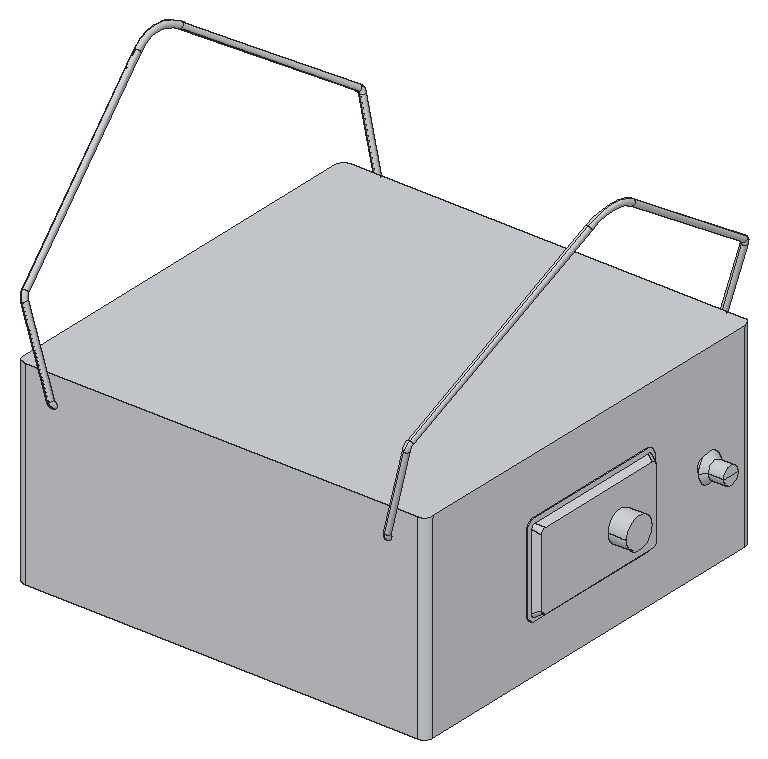
Revit family "Atlas_Sound_M1000", category Generic Models, Revit 2016
Family settings
  Part Type = Normal
  Can host rebar = No
  Round Connector Dimension = Use Diameter
  Work Plane-Based = Yes
  Always vertical = No
  Cut with Voids When Loaded = No
  Shared = No
  Room Calculation Point = No
Parameters
  Width = 0' - 11 161/256"
  Warranty Duration (Years) = 0
  URL = "https://www.atlasied.com/m1000"
  Specification = ""
  SpecWizard = ""
  Send Message = ""
  Sales Information = ""
  Revision = ""
  Product Properties = ""
  Product Data = "https://www.atlasied.com/f/5898/ipx-series-endpoint-speaker-install-sheet.pdf"
  OmniClass Title = ""
  OmniClass Number = ""
  Model = "M1000"
  MasterFormat04 Keynote = ""
  Manufacturer's Notes = ""
  Manufacturer Website = "https://www.atlasied.com/"
  Manufacturer Phone - Toll Free = "800-876-3333"
  Manufacturer Phone = "602-438-4545"
  Manufacturer Fax = "602-438-8692"
  Manufacturer Email = ""
  Manufacturer Address = "4545 E. Baseline Rd. Phoenix, AZ 85040"
  Manufacturer = "Atlas Sound"
  Maintenance Schedule (Months) = 0
  Depth = 0' - 11 143/256"
  Installation-Fabrication = "https://www.atlasied.com/f/5898/ipx-series-endpoint-speaker-install-sheet.pdf"
  Installation Phase = ""
  Green Building-LEED = ""
  Expected Lifespan (Years) = 0
  Drawn By = "Matt Wunch"
  Description = "8\" Dual cone sound masking speaker with 4-watt 70v transformer and enclosure - black"
  Default Elevation = 4' - 0"
  Copyright = "Arcat, Inc. ©2018"
  Construction Details = ""
  Company_ID = 38830
  Category = ""
  Building Codes = ""
Reference planes (in)
  plane 1 "Center (Front/Back)": y = 0
  plane 2: z = 0
  plane 3 "Center (Left/Right)": x = 0
  plane 4: x = -5.81445
  plane 5: x = 5.81445
  plane 6: y = -5.7793
  plane 7: y = 5.7793
  plane 8 "knob": z = 2.74891
Forms (in)
  Extrusion 1, solid
    sketch origin (0, 0, 0) x (1, 0, 0) y (0, 1, 0)
      loop
        arc (-5.56445, 5.7793) -> (-5.74123, 5.70607) -> (-5.81445, 5.5293) r 0.25
        line (-5.81445, 5.5293) -> (-5.81445, -5.5293)
        arc (-5.81445, -5.5293) -> (-5.74123, -5.70607) -> (-5.56445, -5.7793) r 0.25
        line (-5.56445, -5.7793) -> (5.56445, -5.7793)
        arc (5.56445, -5.7793) -> (5.74123, -5.70607) -> (5.81445, -5.5293) r 0.25
        line (5.81445, -5.5293) -> (5.81445, 5.5293)
        arc (5.81445, 5.5293) -> (5.74123, 5.70607) -> (5.56445, 5.7793) r 0.25
        line (5.56445, 5.7793) -> (-5.56445, 5.7793)
    from 0 to 5.62891
  Extrusion 2, solid
    sketch origin (0, 0, 0) x (0, 1, 0) y (0, 0, 1)
      loop
        line (-2.2483, 3.81141) -> (-2.2483, 1.68641)
        arc (-2.2483, 1.68641) -> (-2.17507, 1.50963) -> (-1.9983, 1.43641) r 0.25
        line (-1.9983, 1.43641) -> (2.0017, 1.43641)
        arc (2.0017, 1.43641) -> (2.17848, 1.50963) -> (2.2517, 1.68641) r 0.25
        line (2.2517, 1.68641) -> (2.2517, 3.81141)
        arc (2.2517, 3.81141) -> (2.17848, 3.98818) -> (2.0017, 4.06141) r 0.25
        line (2.0017, 4.06141) -> (-1.9983, 4.06141)
        arc (-1.9983, 4.06141) -> (-2.17507, 3.98818) -> (-2.2483, 3.81141) r 0.25
    from 5.81445 to 5.87055
  Blend 3, solid
    base sketch origin (0, 0, 0) x (0, 1, 0) y (0, 0, 1)
      loop
        line (-2.1248, 3.83094) -> (-2.1248, 1.66657)
        arc (-2.1248, 1.66657) -> (-2.09399, 1.59221) -> (-2.01963, 1.56141) r 0.10516
        line (-2.01963, 1.56141) -> (2.02273, 1.56141)
        arc (2.02273, 1.56141) -> (2.09731, 1.5923) -> (2.1282, 1.66687) r 0.10547
        line (2.1282, 1.66687) -> (2.1282, 3.83094)
        arc (2.1282, 3.83094) -> (2.09731, 3.90552) -> (2.02273, 3.93641) r 0.10547
        line (2.02273, 3.93641) -> (-2.01933, 3.93641)
        arc (-2.01933, 3.93641) -> (-2.09391, 3.90552) -> (-2.1248, 3.83094) r 0.10547
    top sketch origin (0, 0, 0) x (0, 1, 0) y (0, 0, 1)
      loop
        line (-1.89816, 1.65523) -> (1.90157, 1.65523)
        arc (1.90157, 1.65523) -> (1.99548, 1.69413) -> (2.03438, 1.78804) r 0.13281
        line (2.03438, 1.78804) -> (2.03438, 3.70782)
        arc (2.03438, 3.70782) -> (1.99491, 3.80312) -> (1.89962, 3.84259) r 0.13476
        line (1.89962, 3.84259) -> (-1.89816, 3.84259)
        arc (-1.89816, 3.84259) -> (-1.99208, 3.80369) -> (-2.03098, 3.70977) r 0.13281
        line (-2.03098, 3.70977) -> (-2.03098, 1.78804)
        arc (-2.03098, 1.78804) -> (-1.99208, 1.69413) -> (-1.89816, 1.65523) r 0.13281
    from 5.87055 to 6.09555
  Extrusion 4, solid
    sketch origin (0, -3.29389, 0) x (0, 1, 0) y (0, 0, 1)
      loop
        circle (4.0327, 2.74891) r 0.4375
    from 6.09555 to 6.64655
  Sweep 5, solid
    path origin (-3.48813, 0, 0.16201) x (0, 1, 0) y (-0.258819, 0, 0.965926)
      loop
        arc (5.67762, 4.83118) -> (5.81838, 4.8815) -> (5.88233, 5.01662) r 0.19531
        line (5.88233, 5.01662) -> (6.00377, 7.47576)
        arc (6.00377, 7.47576) -> (5.98438, 7.57055) -> (5.92174, 7.6443) r 0.19466
        line (5.92174, 7.6443) -> (0.76055, 11.29381)
        arc (0.76055, 11.29381) -> (0.0017, 11.535) -> (-0.75714, 11.29381) r 1.31436
        line (-0.75714, 11.29381) -> (-5.91804, 7.64451)
        arc (-5.91804, 7.64451) -> (-5.98089, 7.57051) -> (-6.00035, 7.4754) r 0.19531
        line (-6.00035, 7.4754) -> (-5.879, 5.01821)
        arc (-5.879, 5.01821) -> (-5.81505, 4.88309) -> (-5.67429, 4.83277) r 0.19531
    profile origin (-5.93891, 3.34114, 9.30842) x (0.211325, -0.57735, -0.788675) y (0.965926, 0, 0.258819)
      loop
        circle (0, 0) r 0.07813
  Revolve 6, solid
    sketch origin (0, 0, 2.74891) x (-1, 0, 0) y (0, -1, 0)
      loop
        line (-6.01455, -4.4293) -> (-6.01455, -4.2299) -> (-5.81445, -4.2299) -> (-5.81445, -4.0293) -> (-6.61455, -4.0293) -> (-6.61455, -4.2793) -> (-6.16455, -4.2793) -> (-6.01455, -4.4293)
      axis (-5.81445, -4.0293) -> (-6.61455, -4.0293)
    angle from 0 to 360
  Sweep 7, solid
    path origin (3.48813, 0, 0.16201) x (0, 1, 0) y (-0.258819, 0, -0.965926)
      loop
        arc (5.67762, -4.83118) -> (5.81838, -4.8815) -> (5.88233, -5.01662) r 0.19531
        line (5.88233, -5.01662) -> (6.00377, -7.47576)
        arc (6.00377, -7.47576) -> (5.98438, -7.57055) -> (5.92174, -7.6443) r 0.19466
        line (5.92174, -7.6443) -> (0.76055, -11.29381)
        arc (0.76055, -11.29381) -> (0.0017, -11.535) -> (-0.75714, -11.29381) r 1.31436
        line (-0.75714, -11.29381) -> (-5.91804, -7.64451)
        arc (-5.91804, -7.64451) -> (-5.98089, -7.57051) -> (-6.00035, -7.4754) r 0.19531
        line (-6.00035, -7.4754) -> (-5.879, -5.01821)
        arc (-5.879, -5.01821) -> (-5.81505, -4.88309) -> (-5.67429, -4.83277) r 0.19531
    profile origin (5.93891, 3.34114, 9.30842) x (0.211325, 0.57735, 0.788675) y (-0.965926, 0, 0.258819)
      loop
        circle (0, 0) r 0.07813
Lines and regions (in)
  model lines
    curve 1: line (5.81445, 2.2827, 5.12391) -> (5.81445, 2.2827, 0.37391)
    curve 2: arc (5.81445, 2.2827, 0.37391) -> (5.81445, 2.31931, 0.28552) -> (5.81445, 2.4077, 0.24891) r 0.125
    curve 3: line (5.81445, 2.4077, 0.24891) -> (5.81445, 4.6577, 0.24891)
    curve 4: arc (5.81445, 4.6577, 0.24891) -> (5.81445, 4.74609, 0.28552) -> (5.81445, 4.7827, 0.37391) r 0.125
    curve 5: line (5.81445, 4.7827, 0.37391) -> (5.81445, 4.7827, 5.12391)
    curve 6: arc (5.81445, 4.7827, 5.12391) -> (5.81445, 4.74609, 5.21229) -> (5.81445, 4.6577, 5.24891) r 0.125
    curve 7: line (5.81445, 4.6577, 5.24891) -> (5.81445, 2.4077, 5.24891)
    curve 8: arc (5.81445, 2.4077, 5.24891) -> (5.81445, 2.31931, 5.21229) -> (5.81445, 2.2827, 5.12391) r 0.125
    curve 9: line (5.81445, 4.0177, 3.87391) -> (5.81445, 4.0177, 3.17391)
    curve 10: line (5.81445, 3.88392, 3.1473) -> (5.81445, 3.61604, 3.79401)
    curve 11: line (5.81445, 3.74279, 3.06003) -> (5.81445, 3.24781, 3.55501)
    curve 12: line (5.81445, 2.9876, 3.16557) -> (5.81445, 3.63431, 2.89769)
    curve 13: line (5.81445, 3.6077, 2.76391) -> (5.81445, 2.9077, 2.76391)
    curve 14: line (5.81445, 3.63431, 2.60012) -> (5.81445, 2.9876, 2.33225)
    curve 15: line (5.81445, 2.9876, 2.33225) -> (5.81445, 2.99956, 2.30337)
    curve 16: line (5.81445, 3.64627, 2.57125) -> (5.81445, 2.99956, 2.30337)
    curve 17: line (5.81445, 3.6077, 2.73266) -> (5.81445, 2.9077, 2.73266)
    curve 18: line (5.81445, 3.85505, 3.13534) -> (5.81445, 3.58717, 3.78205)
    curve 19: line (5.81445, 3.72069, 3.03794) -> (5.81445, 3.22572, 3.53291)
    curve 20: line (5.81445, 2.99956, 3.19444) -> (5.81445, 3.64627, 2.92656)
    curve 21: line (5.81445, 4.04895, 3.87391) -> (5.81445, 4.04895, 3.17391)
    curve 22: line (5.81445, 2.99956, 3.19444) -> (5.81445, 2.9876, 3.16557)
    curve 23: line (5.81445, 2.9077, 2.76391) -> (5.81445, 2.9077, 2.73266)
    curve 24: line (5.81445, 3.6077, 2.73266) -> (5.81445, 3.6077, 2.76391)
    curve 25: line (5.81445, 3.63431, 2.60012) -> (5.81445, 3.64627, 2.57125)
    curve 26: line (5.81445, 3.63431, 2.89769) -> (5.81445, 3.64627, 2.92656)
    curve 27: line (5.81445, 3.72069, 3.03794) -> (5.81445, 3.74279, 3.06003)
    curve 28: line (5.81445, 3.61604, 3.79401) -> (5.81445, 3.58717, 3.78205)
    curve 29: line (5.81445, 3.24781, 3.55501) -> (5.81445, 3.22572, 3.53291)
    curve 30: line (5.81445, 4.04895, 3.87391) -> (5.81445, 4.0177, 3.87391)
    curve 31: line (5.81445, 4.04895, 3.17391) -> (5.81445, 4.0177, 3.17391)
    curve 32: line (5.81445, 3.88392, 3.1473) -> (5.81445, 3.85505, 3.13534)
  symbolic lines
    curve 33: arc (5.81445, 5.5293, 2.74891) -> (5.74123, 5.70607, 2.74891) -> (5.56445, 5.7793, 2.74891) r 0.25
    curve 34: line (5.56445, 5.7793, 2.74891) -> (-5.56445, 5.7793, 2.74891)
    curve 35: arc (-5.56445, 5.7793, 2.74891) -> (-5.74123, 5.70607, 2.74891) -> (-5.81445, 5.5293, 2.74891) r 0.25
    curve 36: line (-5.81445, 5.5293, 2.74891) -> (-5.81445, -5.5293, 2.74891)
    curve 37: arc (-5.81445, -5.5293, 2.74891) -> (-5.74123, -5.70607, 2.74891) -> (-5.56445, -5.7793, 2.74891) r 0.25
    curve 38: line (-5.56445, -5.7793, 2.74891) -> (5.56445, -5.7793, 2.74891)
    curve 39: arc (5.56445, -5.7793, 2.74891) -> (5.74123, -5.70607, 2.74891) -> (5.81445, -5.5293, 2.74891) r 0.25
    curve 40: line (5.81445, -5.5293, 2.74891) -> (5.81445, 5.5293, 2.74891)
    curve 41: line (6.64655, 1.17632, 2.74891) -> (6.64655, 0.30132, 2.74891)
    curve 42: line (6.09555, 2.03438, 2.74891) -> (6.09555, -2.03098, 2.74891)
    curve 43: line (5.87055, 2.2517, 2.74891) -> (5.87055, -2.2483, 2.74891)
    curve 44: line (5.87055, 2.2517, 2.74891) -> (5.81445, 2.2517, 2.74891)
    curve 45: line (6.09555, 2.03438, 2.74891) -> (5.87055, 2.1282, 2.74891)
    curve 46: line (6.09555, 0.30132, 2.74891) -> (6.64655, 0.30132, 2.74891)
    curve 47: line (6.64655, 1.17632, 2.74891) -> (6.09555, 1.17632, 2.74891)
    curve 48: line (5.87055, -2.2483, 2.74891) -> (5.81445, -2.2483, 2.74891)
    curve 49: line (6.09555, -2.03098, 2.74891) -> (5.87055, -2.1248, 2.74891)
Dimensions and locks (in)
  equal spacing: plane 4, plane 3 "Center (Left/Right)", plane 5
  "Width": plane 4 to plane 5
  equal spacing: plane 7, plane 1 "Center (Front/Back)", plane 6
  "Depth": plane 7 to plane 6
  aligned and locked: plane 2 to level
  aligned and locked: Extrusion 1 sketch curve to plane 4
  aligned and locked: Extrusion 1 sketch curve to plane 7
  aligned and locked: Extrusion 1 sketch curve to plane 5
  aligned and locked: Extrusion 1 sketch curve to plane 6
Automatic sketch dimensions
  Extrusion 1 sketch curve to plane 4 = 0' - 0 1/4"  (x2)
  Extrusion 1 sketch curve to plane 5 = 0' - 0 1/4"  (x2)
  plane 1 "Center (Front/Back)" to Extrusion 2 sketch curve = 0' - 2.2483"
  Extrusion 2 sketch curve to Extrusion 2 sketch curve = 0' - 0 1/4"  (x3)
  Extrusion 2 sketch curve to plane 1 "Center (Front/Back)" = 0' - 2.0017"  (x2)
  Extrusion 2 sketch curve to plane 8 "knob" = 0' - 1 1/16"
  plane 8 "knob" to Extrusion 2 sketch curve = 0' - 1 1/16"
  plane 1 "Center (Front/Back)" to Blend 3 sketch curve = 0' - 2.1248"
  Blend 3 sketch curve to Blend 3 sketch curve = 0' - 0.10516"
  Blend 3 sketch curve to Blend 3 sketch curve = 0' - 0 27/256"  (x2)
  Blend 3 sketch curve to plane 1 "Center (Front/Back)" = 0' - 2.02273"  (x2)
  plane 8 "knob" to Blend 3 sketch curve = 0' - 1 3/16"
  Blend 3 sketch curve to plane 8 "knob" = 0' - 1 21/256"
  Blend 3 sketch curve to plane 8 "knob" = 0' - 0.96087"
  plane 1 "Center (Front/Back)" to Blend 3 sketch curve = 0' - 2.03098"
  Blend 3 sketch curve to Blend 3 sketch curve = 0' - 0 17/128"  (x2)
  Blend 3 sketch curve to plane 1 "Center (Front/Back)" = 0' - 1.89962"
  Blend 3 sketch curve to plane 1 "Center (Front/Back)" = 0' - 1.90157"
  Blend 3 sketch curve to Blend 3 sketch curve = 0' - 0.13476"
  plane 8 "knob" to Blend 3 sketch curve = 0' - 0.96087"
  Extrusion 4 sketch curve to plane 8 "knob" = 0' - 0"
  Extrusion 4 sketch curve to plane 1 "Center (Front/Back)" = 0' - 0.73882"
  plane 6 to Sweep 5 sketch curve = 0' - 0.22105"
  plane 6 to Sweep 5 sketch curve = 0' - 0.13874"
  plane 6 to Sweep 5 sketch curve = 0' - 0.0997"
  plane 6 to Sweep 5 sketch curve = 0' - 0.02598"
  Sweep 5 sketch curve to plane 6 = 0' - 0.09537"
  plane 1 "Center (Front/Back)" to Sweep 5 sketch curve = 0' - 0.75714"
  Sweep 5 sketch curve to plane 1 "Center (Front/Back)" = 0' - 0.0017"
  Sweep 5 sketch curve to plane 1 "Center (Front/Back)" = 0' - 0.76055"
  Sweep 5 sketch curve to plane 7 = 0' - 0.09204"
  plane 7 to Sweep 5 sketch curve = 0' - 0.03006"
  plane 7 to Sweep 5 sketch curve = 0' - 0.10303"
  plane 7 to Sweep 5 sketch curve = 0' - 0.14244"
  Sweep 5 sketch curve to Sweep 5 sketch curve = 0' - 0 21/256"
  Sweep 5 sketch curve to Sweep 5 sketch curve = 0' - 0.00159"
  Sweep 5 sketch curve to Sweep 5 sketch curve = 0' - 0.00963"  (x3)
  Sweep 5 sketch curve to Sweep 5 sketch curve = 0' - 2.45719"
  Sweep 5 sketch curve to Sweep 5 sketch curve = 0' - 2.45914"
  Sweep 5 sketch curve to Sweep 5 sketch curve = 0' - 0.0096"
  Sweep 5 sketch curve to Sweep 5 sketch curve = 0' - 2.7356"
  Sweep 5 sketch curve to Sweep 5 sketch curve = 0' - 1.07317"
  Sweep 5 sketch curve to plane 6 = 0' - 0.105"
  Sweep 5 sketch curve to plane 7 = 0' - 0.10168"
  Sweep 5 sketch curve to profile plane = 0' - 0"  (x2)
  Revolve 6 sketch curve to plane 5 = 0' - 0"  (x2)
  plane 5 to Revolve 6 sketch curve = 0' - 0.20009"
  Revolve 6 sketch curve to Revolve 6 sketch curve = 0' - 0.15"  (x2)
  Revolve 6 sketch curve to Revolve 6 sketch curve = 0' - 0.45"
  Revolve 6 sketch curve to plane 7 = 0' - 1.35"
  Revolve 6 sketch curve to Revolve 6 sketch curve = 0' - 0.04939"
  Revolve 6 sketch curve to Revolve 6 sketch curve = 0' - 0 1/4"
  Revolve 6 sketch curve to Revolve 6 sketch curve = 0' - 0"  (x2)
  curve 5 to Extrusion 1 = 0' - 0.74659"
  curve 5 to curve 7 = 0' - 0 1/8"
  curve 5 to curve 3 = 0' - 0 1/8"
  curve 21 to Extrusion 1 = 0' - 1.48034"
  curve 21 to curve 9 = 0' - 0 1/32"
  curve 9 to curve 32 = 0' - 0.13378"
  curve 10 to curve 32 = 0' - 0.02887"
  curve 18 to curve 11 = 0' - 0.11226"
  curve 11 to curve 27 = 0' - 0.0221"
  curve 19 to curve 20 = 0' - 0.07442"
  curve 25 to curve 20 = 0' - 0"
  curve 20 to curve 26 = 0' - 0.01196"
  curve 16 to curve 25 = 0' - 0.01196"
  curve 9 to curve 28 = 0' - 0.40166"
  curve 12 to curve 24 = 0' - 0.02661"
  curve 18 to curve 29 = 0' - 0.33936"
  curve 19 to curve 20 = 0' - 0.22616"
  curve 16 to curve 16 = 0' - 0.64672"
  curve 12 to curve 23 = 0' - 0.0799"
  Extrusion 1 to curve 7 = 0' - 0.38"
  curve 18 to curve 7 = 0' - 1.17947"
  Extrusion 1 to curve 2 = 0' - 0.37391"
  curve 15 to curve 2 = 0' - 0.59185"
  curve 2 to curve 1 = 0' - 0 1/8"
  curve 6 to curve 30 = 0' - 1 1/4"
  curve 9 to curve 10 = 0' - 0.0799"
  curve 10 to curve 28 = 0' - 0.01196"
  curve 18 to curve 11 = 0' - 0.22704"
  curve 11 to curve 29 = 0' - 0.0221"
  curve 19 to curve 22 = 0' - 0.33847"
  curve 31 to curve 10 = 0' - 0.02661"
  curve 20 to curve 22 = 0' - 0.02887"
  curve 12 to curve 24 = 0' - 0.13378"
  curve 13 to curve 17 = 0' - 0 1/32"
  curve 17 to curve 25 = 0' - 0.13253"
  curve 14 to curve 16 = 0' - 0.02887"
  plane 6 to Sweep 7 sketch curve = 0' - 0.22105"
  plane 6 to Sweep 7 sketch curve = 0' - 0.13874"
  plane 6 to Sweep 7 sketch curve = 0' - 0.0997"
  plane 6 to Sweep 7 sketch curve = 0' - 0.02598"
  Sweep 7 sketch curve to plane 6 = 0' - 0.09537"
  plane 1 "Center (Front/Back)" to Sweep 7 sketch curve = 0' - 0.75714"
  Sweep 7 sketch curve to plane 1 "Center (Front/Back)" = 0' - 0.0017"
  Sweep 7 sketch curve to plane 1 "Center (Front/Back)" = 0' - 0.76055"
  Sweep 7 sketch curve to plane 7 = 0' - 0.09204"
  plane 7 to Sweep 7 sketch curve = 0' - 0.03006"
  plane 7 to Sweep 7 sketch curve = 0' - 0.10303"
  plane 7 to Sweep 7 sketch curve = 0' - 0.14244"
  Sweep 7 sketch curve to Sweep 7 sketch curve = 0' - 0 21/256"
  Sweep 7 sketch curve to Sweep 7 sketch curve = 0' - 1.07317"
  Sweep 7 sketch curve to Sweep 7 sketch curve = 0' - 3.6493"
  Sweep 7 sketch curve to Sweep 7 sketch curve = 0' - 3.64951"
  Sweep 7 sketch curve to Sweep 7 sketch curve = 0' - 0.15894"
  Sweep 7 sketch curve to Sweep 7 sketch curve = 0' - 0.15947"
  Sweep 7 sketch curve to Sweep 7 sketch curve = 0' - 2.45719"
  Sweep 7 sketch curve to Sweep 7 sketch curve = 0' - 2.45911"
  Sweep 7 sketch curve to Sweep 7 sketch curve = 0' - 0.00963"  (x2)
  Sweep 7 sketch curve to plane 6 = 0' - 0.105"
  Sweep 7 sketch curve to plane 7 = 0' - 0.10168"
  profile plane to Sweep 7 sketch curve = 0' - 0"
  Sweep 7 sketch curve to profile plane = 0' - 0"
  curve 39 to plane 5 = 0' - 0"
  plane 6 to curve 39 = 0' - 0"
  curve 33 to plane 7 = 0' - 0"
  curve 37 to plane 4 = 0' - 0"
  curve 48 to curve 48 = 0' - 0.05609"
  curve 42 to curve 45 = 0' - 0.225"
  curve 41 to curve 46 = 0' - 0.551"
  curve 39 to plane 5 = 0' - 0 1/4"
  curve 34 to plane 5 = 0' - 0 1/4"
  curve 37 to plane 4 = 0' - 0 1/4"
  curve 34 to plane 4 = 0' - 0 1/4"
  curve 44 to plane 1 "Center (Front/Back)" = 0' - 2.2517"
  curve 43 to curve 45 = 0' - 0.21732"
  curve 42 to curve 47 = 0' - 0.85807"
  curve 46 to plane 1 "Center (Front/Back)" = 0' - 0.30132"
  plane 1 "Center (Front/Back)" to curve 43 = 0' - 2.2483"
  curve 43 to curve 45 = 0' - 0.1235"
  curve 42 to curve 43 = 0' - 0.21732"
  curve 49 to curve 43 = 0' - 0.1235"
  radius of Extrusion 4 sketch curve = 0' - 0 7/16"
  radius of Sweep 5 sketch curve = 0' - 0 5/64"
  radius of Sweep 7 sketch curve = 0' - 0 5/64"
Connectors (in)
  electrical at (6.64655, 0.73882, 2.74891)
    settings: on Extrusion 4, index 1, voltage 0 V, apparent load 0 VA, apparent load phase1 0 VA, apparent load phase2 0 VA, apparent load phase3 0 VA, power factor 1, load classification "Other", number of poles 1, system type 31, power factor state 1, is connector primary yes, connector utility no, sub classification motor no, connector description ""
